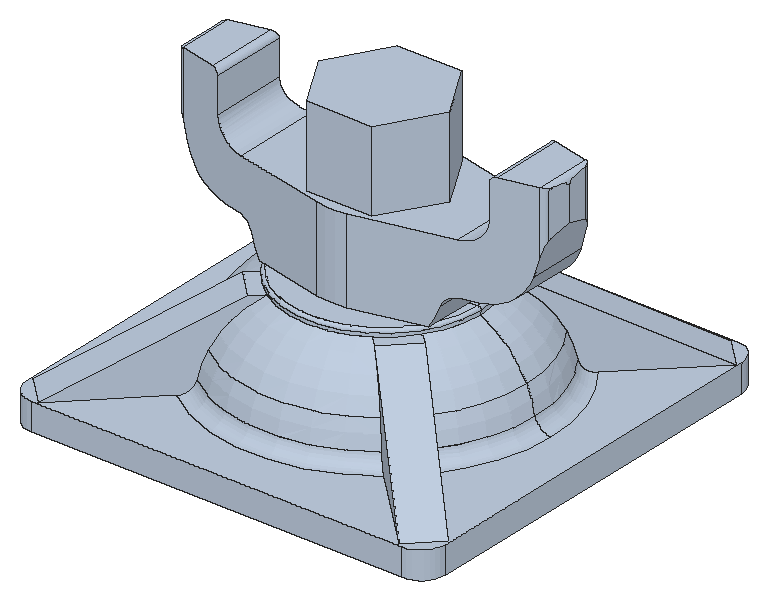
Revit family "PLATE WASHER NUT 20_1905160", category Generic Models, Revit 2018
Family settings
  Can host rebar = No
  Round Connector Dimension = Use Diameter
  Part Type = Normal
  OmniClass Number = 35.51.14.00
  OmniClass Title = FORMWORK
  Work Plane-Based = Yes
  Always vertical = No
  Cut with Voids When Loaded = No
  Shared = Yes
  Room Calculation Point = No
Parameters
  VERSION = "20170217"  # constant formula
  URL = "www.ulmaconstruction.com/en"
  UNICLASS = ""
  Manufacturer = "ULMA CONSTRUCTION"  # constant formula
  ITEM_CODE = "1905160"
  FILTER [instance] = ""
  Default Elevation = 0.000 mm
  CLASSIFICATION_TITLE = ""
  CLASSIFICATION_NUMBER = ""
Reference planes
  plane 1 "Centro (Frontal/Posterior)": y = 0
  plane 2: z = 0
  plane 3 "Centro (Izquierda/Derecha)": x = 0
  plane 4 "SECTION": through (-43.557, -43.557, 1200) normal (-0.7071, 0.7071, 0)
Forms (mm)
  Extrusion 1, solid, material "ULMA STEEL", detail levels fine
    sketch origin (0, 0, 0) x (1, 0, 0) y (0, 1, 0)
      loop
        spline (-57.51, 65) -> (-58.489, 64.936) -> (-59.45, 64.745) -> (-60.378, 64.43) -> (-61.257, 63.997) -> (-62.071, 63.453) -> (-62.808, 62.808) -> (-63.453, 62.071) -> (-63.997, 61.257) -> (-64.43, 60.378) -> (-64.745, 59.45) -> (-64.936, 58.489) -> (-65, 57.51)
        line (-65, 57.51) -> (-65, -57.51)
        spline (-65, -57.51) -> (-64.936, -58.489) -> (-64.745, -59.45) -> (-64.43, -60.378) -> (-63.997, -61.257) -> (-63.453, -62.071) -> (-62.808, -62.808) -> (-62.071, -63.453) -> (-61.257, -63.997) -> (-60.378, -64.43) -> (-59.45, -64.745) -> (-58.489, -64.936) -> (-57.51, -65)
        line (-57.51, -65) -> (57.51, -65)
        spline (57.51, -65) -> (58.489, -64.936) -> (59.45, -64.745) -> (60.378, -64.43) -> (61.257, -63.997) -> (62.071, -63.453) -> (62.808, -62.808) -> (63.453, -62.071) -> (63.997, -61.257) -> (64.43, -60.378) -> (64.745, -59.45) -> (64.936, -58.489) -> (65, -57.51)
        line (65, -57.51) -> (65, 57.51)
        spline (65, 57.51) -> (64.936, 58.489) -> (64.745, 59.45) -> (64.43, 60.378) -> (63.997, 61.257) -> (63.453, 62.071) -> (62.808, 62.808) -> (62.071, 63.453) -> (61.257, 63.997) -> (60.378, 64.43) -> (59.45, 64.745) -> (58.489, 64.936) -> (57.51, 65)
        line (57.51, 65) -> (-57.51, 65)
    from 0 to 8.5
  Revolve 2, solid, material "ULMA STEEL", detail levels fine
    sketch origin (0, 0, 0) x (1, 0, 0) y (0, 0, 1)
      loop
        line (-0.003, 37) -> (-29.003, 37)
        arc (-29.003, 37) -> (-29.71, 36.707) -> (-30.003, 36) r 1
        line (-30.003, 36) -> (-30.003, 34.976)
        arc (-30.003, 34.976) -> (-38.298, 28.908) -> (-44.241, 20.524) r 32
        arc (-44.241, 20.524) -> (-45.842, 16.624) -> (-46.916, 12.547) r 32
        arc (-46.916, 12.547) -> (-48.644, 9.642) -> (-51.825, 8.5) r 5
        line (-51.825, 8.5) -> (-0.003, 8.5) -> (-0.003, 37)
      axis (-0.003, 37) -> (-0.003, 8.5)
    angle from 0 to 360
  Revolve 3, void
    sketch origin (0, 0, 0) x (1, 0, 0) y (0, 0, 1)
      loop
        line (-43.289, 0) -> (-0.003, 0) -> (-0.003, 30.59) -> (-22.003, 30.59)
        arc (-22.003, 30.59) -> (-36.247, 20.403) -> (-40.312, 3.37) r 25
        arc (-40.312, 3.37) -> (-41.041, 1.014) -> (-43.289, 0) r 3
      axis (-0.003, 30.59) -> (-0.003, 0)
    angle from 0 to 360
  Extrusion 4, solid, material "ULMA STEEL", detail levels fine
    sketch origin (0, 0, 0) x (1, 0, 0) y (0, 0, 1)
      loop
        line (33.549, 63) -> (-33.549, 63)
        spline (-33.549, 63) -> (-34.694, 63.063) -> (-35.811, 63.252) -> (-36.882, 63.562) -> (-37.891, 63.99) -> (-38.823, 64.529) -> (-39.662, 65.171) -> (-40.395, 65.904) -> (-41.011, 66.719) -> (-41.501, 67.602) -> (-41.856, 68.539) -> (-42.072, 69.515) -> (-42.144, 70.516)
        line (-42.144, 70.516) -> (-42.144, 81.121)
        spline (-42.144, 81.121) -> (-42.162, 81.371) -> (-42.216, 81.615) -> (-42.305, 81.85) -> (-42.427, 82.07) -> (-42.581, 82.274) -> (-42.764, 82.457) -> (-42.974, 82.618) -> (-43.207, 82.752) -> (-43.459, 82.859) -> (-43.727, 82.937) -> (-44.006, 82.984) -> (-44.293, 83)
        line (-44.293, 83) -> (-55.514, 83)
        spline (-55.514, 83) -> (-55.774, 82.983) -> (-56.029, 82.932) -> (-56.275, 82.849) -> (-56.508, 82.733) -> (-56.723, 82.589) -> (-56.918, 82.417) -> (-57.089, 82.221) -> (-57.232, 82.004) -> (-57.347, 81.77) -> (-57.43, 81.523) -> (-57.48, 81.266) -> (-57.497, 81.005)
        line (-57.497, 81.005) -> (-57.497, 70) -> (-53.711, 57.614)
        arc (-53.711, 57.614) -> (-48.288, 49.942) -> (-39.366, 47) r 15
        line (-39.366, 47) -> (-34.202, 47)
        arc (-34.202, 47) -> (-31.303, 46.074) -> (-29.478, 43.637) r 5
        arc (-29.478, 43.637) -> (-28.05, 40.218) -> (-26.212, 37) r 30
        line (-26.212, 37) -> (26.212, 37)
        arc (26.212, 37) -> (28.05, 40.218) -> (29.478, 43.637) r 30
        arc (29.478, 43.637) -> (31.303, 46.074) -> (34.202, 47) r 5
        line (34.202, 47) -> (39.366, 47)
        arc (39.366, 47) -> (48.288, 49.942) -> (53.711, 57.614) r 15
        line (53.711, 57.614) -> (57.497, 70) -> (57.497, 81.005)
        spline (57.497, 81.005) -> (57.48, 81.266) -> (57.43, 81.523) -> (57.347, 81.77) -> (57.232, 82.004) -> (57.089, 82.221) -> (56.918, 82.417) -> (56.723, 82.589) -> (56.508, 82.733) -> (56.275, 82.849) -> (56.029, 82.932) -> (55.774, 82.983) -> (55.514, 83)
        line (55.514, 83) -> (44.293, 83)
        spline (44.293, 83) -> (44.006, 82.984) -> (43.727, 82.937) -> (43.459, 82.859) -> (43.207, 82.752) -> (42.974, 82.618) -> (42.764, 82.457) -> (42.581, 82.274) -> (42.427, 82.07) -> (42.305, 81.85) -> (42.216, 81.615) -> (42.162, 81.371) -> (42.144, 81.121)
        line (42.144, 81.121) -> (42.144, 70.516)
        spline (42.144, 70.516) -> (42.072, 69.515) -> (41.856, 68.539) -> (41.501, 67.602) -> (41.011, 66.719) -> (40.395, 65.904) -> (39.662, 65.171) -> (38.823, 64.529) -> (37.891, 63.99) -> (36.882, 63.562) -> (35.811, 63.252) -> (34.694, 63.063) -> (33.549, 63)
    from -25 to 25
  Extrusion 5, solid, material "ULMA STEEL", detail levels fine
    sketch origin (0, 0, 0) x (1, 0, 0) y (0, 1, 0)
      loop
        line (10.104, 17.5) -> (-10.104, 17.5) -> (-20.207, 0) -> (-10.104, -17.5) -> (10.104, -17.5) -> (20.207, 0) -> (10.104, 17.5)
    from 63 to 88
  Extrusion 6, void
    sketch origin (0, 0, 0) x (1, 0, 0) y (0, 1, 0)
      loop
        line (4.705, 20.466) -> (55.339, 8.826)
        arc (55.339, 8.826) -> (56.4, 8.19) -> (56.883, 7.051) r 2
        line (56.883, 7.051) -> (57.5, 0) -> (62.5, 0) -> (62.5, 30) -> (-62.5, 30) -> (-62.5, 0) -> (-57.5, 0) -> (-56.883, 7.051)
        arc (-56.883, 7.051) -> (-56.4, 8.19) -> (-55.339, 8.826) r 2
        line (-55.339, 8.826) -> (-4.705, 20.466)
        arc (-4.705, 20.466) -> (0, 21) -> (4.705, 20.466) r 21
    from 37 to 87.908
  Extrusion 7, void
    sketch origin (0, 0, 0) x (1, 0, 0) y (0, 1, 0)
      loop
        arc (4.705, -20.466) -> (0, -21) -> (-4.705, -20.466) r 21
        line (-4.705, -20.466) -> (-55.339, -8.826)
        arc (-55.339, -8.826) -> (-56.4, -8.19) -> (-56.883, -7.051) r 2
        line (-56.883, -7.051) -> (-57.5, 0) -> (-62.5, 0) -> (-62.5, -30) -> (62.5, -30) -> (62.5, 0) -> (57.5, 0) -> (56.883, -7.051)
        arc (56.883, -7.051) -> (56.4, -8.19) -> (55.339, -8.826) r 2
        line (55.339, -8.826) -> (4.705, -20.466)
    from 37 to 87.908
  Extrusion 8, solid, material "ULMA STEEL", detail levels fine
    sketch origin (0, 0, 0) x (-0.707107, -0.707107, 0) y (0, 0, 1)
      loop
        line (85.193, 8.5) -> (33.92, 34.976) -> (-33.92, 34.976) -> (-85.193, 8.5) -> (85.193, 8.5)
    from -6 to 6
  Extrusion 9, solid, material "ULMA STEEL", detail levels fine
    sketch origin (0, 0, 0) x (0.707107, -0.707107, 0) y (0, 0, -1)
      loop
        line (85.193, -8.5) -> (-85.193, -8.5) -> (-33.92, -34.976) -> (33.92, -34.976) -> (85.193, -8.5)
    from -6 to 6
  Extrusion 10, solid, material "ULMA STEEL", detail levels coarse+medium
    sketch origin (0, 0, 0) x (1, 0, 0) y (0, 1, 0)
      loop
        line (-65, 65) -> (-65, -65) -> (65, -65) -> (65, 65) -> (-65, 65)
    from 0 to 8.5
Cuts and joins
  Revolve 3 cuts Extrusion 1
  Revolve 3 cuts Revolve 2
  Extrusion 6, Extrusion 7 cuts Extrusion 4
  Revolve 3 cuts Extrusion 8
  Revolve 3 cuts Extrusion 9
  joined: Extrusion 1, Revolve 2, Extrusion 4, Extrusion 5, Extrusion 8, Extrusion 9
Lines and regions (mm)
  model lines, style "ULMA CLAMPS", detail levels fine
    curve 1: circle (0, 0, 88) r 10 normal (0, 0, 1)
Dimensions and locks
  aligned and locked: level to plane 2
